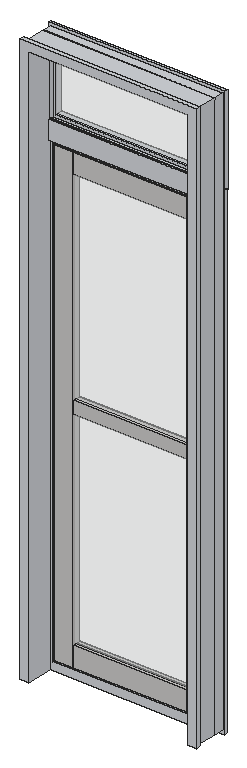
Revit family "APL Residential Thermal Heart Hinged Door with Overlight Open In", category Doors, host Wall, Revit 2017 (continued)
Definition of nested family "APL Residential Thermal Heart Hinged Door with Overlight Open In Vertical Section"
  Definition of nested family "Open In Head&Sill"
    Definition of nested family "65200_Rail"
      Lines and regions (mm)
        model lines, in view "Ref. Level"
          curve 128: arc (44.796, 11.123, 0) -> (44.649, 10.932, 0) -> (44.42, 10.86, 0) r 0.4
          curve 129: arc (34.98, 10.86, 0) -> (34.751, 10.932, 0) -> (34.604, 11.123, 0) r 0.4
          curve 130: arc (33.716, 13.563, 0) -> (33.605, 13.707, 0) -> (33.43, 13.76, 0) r 0.3
          curve 131: arc (33.43, 13.76, 0) -> (33.115, 13.72, 0) -> (32.821, 13.599, 0) r 1.2
          curve 132: arc (31.293, 12.714, 0) -> (31.196, 12.674, 0) -> (31.093, 12.66, 0) r 0.4
          curve 133: arc (30.8, 12.66, 0) -> (30.517, 12.777, 0) -> (30.4, 13.06, 0) r 0.4
          curve 134: line (30.8, 16.86, 0) -> (31.093, 16.86, 0)
          curve 135: line (31.293, 16.806, 0) -> (32.821, 15.921, 0)
          curve 136: line (33.422, 15.76, 0) -> (34.345, 15.76, 0)
          curve 137: line (35.284, 15.102, 0) -> (36.077, 12.923, 0)
          curve 138: line (36.453, 12.66, 0) -> (42.947, 12.66, 0)
          curve 139: line (43.323, 12.923, 0) -> (44.116, 15.102, 0)
          curve 140: line (45.055, 15.76, 0) -> (45.978, 15.76, 0)
          curve 141: line (46.579, 15.921, 0) -> (48.107, 16.806, 0)
          curve 142: line (48.307, 16.86, 0) -> (48.6, 16.86, 0)
          curve 143: line (49, 16.46, 0) -> (49, 13.06, 0)
          curve 144: line (48.6, 12.66, 0) -> (48.307, 12.66, 0)
          curve 145: line (48.107, 12.714, 0) -> (46.579, 13.599, 0)
          curve 146: line (45.684, 13.563, 0) -> (44.796, 11.123, 0)
          curve 147: line (44.42, 10.86, 0) -> (34.98, 10.86, 0)
          curve 148: line (34.604, 11.123, 0) -> (33.716, 13.563, 0)
          curve 149: line (32.821, 13.599, 0) -> (31.293, 12.714, 0)
          curve 150: line (31.093, 12.66, 0) -> (30.8, 12.66, 0)
          curve 151: line (30.4, 13.06, 0) -> (30.4, 16.46, 0)
          curve 152: arc (24.4, 72.4, 0) -> (24.517, 72.117, 0) -> (24.8, 72, 0) r 0.4
          curve 153: arc (25.093, 72, 0) -> (25.196, 72.014, 0) -> (25.293, 72.054, 0) r 0.4
          curve 154: arc (26.821, 72.939, 0) -> (27.111, 73.059, 0) -> (27.422, 73.1, 0) r 1.2
          curve 155: arc (28.345, 73.1, 0) -> (28.918, 73.281, 0) -> (29.284, 73.758, 0) r 1
          curve 156: arc (30.077, 75.937, 0) -> (30.224, 76.128, 0) -> (30.453, 76.2, 0) r 0.4
          curve 157: arc (36.947, 76.2, 0) -> (37.176, 76.128, 0) -> (37.323, 75.937, 0) r 0.4
          curve 158: arc (38.116, 73.758, 0) -> (38.482, 73.281, 0) -> (39.055, 73.1, 0) r 1
          curve 159: arc (39.978, 73.1, 0) -> (40.289, 73.059, 0) -> (40.579, 72.939, 0) r 1.2
          curve 160: arc (42.107, 72.054, 0) -> (42.204, 72.014, 0) -> (42.307, 72, 0) r 0.4
          curve 161: arc (42.6, 72, 0) -> (42.883, 72.117, 0) -> (43, 72.4, 0) r 0.4
          curve 162: arc (43, 75.8, 0) -> (42.883, 76.083, 0) -> (42.6, 76.2, 0) r 0.4
          curve 163: arc (42.307, 76.2, 0) -> (42.204, 76.186, 0) -> (42.107, 76.146, 0) r 0.4
          curve 164: arc (40.579, 75.261, 0) -> (40.285, 75.14, 0) -> (39.97, 75.1, 0) r 1.2
          curve 165: arc (39.97, 75.1, 0) -> (39.795, 75.153, 0) -> (39.684, 75.297, 0) r 0.3
          curve 166: arc (38.796, 77.737, 0) -> (38.649, 77.928, 0) -> (38.42, 78, 0) r 0.4
          curve 167: arc (28.98, 78, 0) -> (28.751, 77.928, 0) -> (28.604, 77.737, 0) r 0.4
          curve 168: arc (27.716, 75.297, 0) -> (27.605, 75.153, 0) -> (27.43, 75.1, 0) r 0.3
          curve 169: arc (27.43, 75.1, 0) -> (27.115, 75.14, 0) -> (26.821, 75.261, 0) r 1.2
          curve 170: arc (25.293, 76.146, 0) -> (25.196, 76.186, 0) -> (25.093, 76.2, 0) r 0.4
          curve 171: arc (24.8, 76.2, 0) -> (24.517, 76.083, 0) -> (24.4, 75.8, 0) r 0.4
          curve 172: line (24.8, 72, 0) -> (25.093, 72, 0)
          curve 173: line (25.293, 72.054, 0) -> (26.821, 72.939, 0)
          curve 174: line (27.422, 73.1, 0) -> (28.345, 73.1, 0)
          curve 175: line (29.284, 73.758, 0) -> (30.077, 75.937, 0)
          curve 176: line (30.453, 76.2, 0) -> (36.947, 76.2, 0)
          curve 177: line (37.323, 75.937, 0) -> (38.116, 73.758, 0)
          curve 178: line (39.055, 73.1, 0) -> (39.978, 73.1, 0)
          curve 179: line (40.579, 72.939, 0) -> (42.107, 72.054, 0)
          curve 180: line (42.307, 72, 0) -> (42.6, 72, 0)
          curve 181: line (43, 72.4, 0) -> (43, 75.8, 0)
          curve 182: line (42.6, 76.2, 0) -> (42.307, 76.2, 0)
          curve 183: line (42.107, 76.146, 0) -> (40.579, 75.261, 0)
          curve 184: line (39.684, 75.297, 0) -> (38.796, 77.737, 0)
          curve 185: line (38.42, 78, 0) -> (28.98, 78, 0)
          curve 186: line (28.604, 77.737, 0) -> (27.716, 75.297, 0)
          curve 187: line (26.821, 75.261, 0) -> (25.293, 76.146, 0)
          curve 188: line (25.093, 76.2, 0) -> (24.8, 76.2, 0)
          curve 189: line (24.4, 75.8, 0) -> (24.4, 72.4, 0)
          curve 190: arc (44.4, 69.6, 0) -> (44.754, 69.746, 0) -> (44.9, 70.1, 0) r 0.5
          curve 191: arc (44.9, 76.091, 0) -> (44.955, 76.318, 0) -> (45.108, 76.496, 0) r 0.5
          curve 192: arc (45.108, 76.496, 0) -> (45.336, 76.687, 0) -> (45.535, 76.908, 0) r 2.1
          curve 193: arc (45.535, 76.908, 0) -> (45.71, 77.049, 0) -> (45.929, 77.1, 0) r 0.5
          curve 194: arc (49, 77.1, 0) -> (49.354, 76.954, 0) -> (49.5, 76.6, 0) r 0.5
          curve 195: arc (49.5, 23.4, 0) -> (49.354, 23.046, 0) -> (49, 22.9, 0) r 0.5
          curve 196: arc (44.8, 22.9, 0) -> (44.659, 22.841, 0) -> (44.6, 22.7, 0) r 0.2
          curve 197: arc (44.6, 21.1, 0) -> (44.659, 20.959, 0) -> (44.8, 20.9, 0) r 0.2
          curve 198: arc (49.295, 20.9, 0) -> (49.436, 20.841, 0) -> (49.495, 20.7, 0) r 0.2
          curve 199: arc (49.495, 19.46, 0) -> (49.436, 19.319, 0) -> (49.295, 19.26, 0) r 0.2
          curve 200: arc (47.809, 19.26, 0) -> (47.674, 19.241, 0) -> (47.549, 19.187, 0) r 0.5
          curve 201: arc (46.979, 18.839, 0) -> (46.628, 18.475, 0) -> (46.5, 17.986, 0) r 1
          curve 202: arc (46.5, 16.41, 0) -> (46.628, 16.192, 0) -> (46.88, 16.197, 0) r 0.25
          curve 203: arc (46.966, 16.249, 0) -> (47.072, 16.381, 0) -> (47.069, 16.551, 0) r 0.25
          curve 204: arc (48.323, 17.316, 0) -> (48.398, 17.349, 0) -> (48.479, 17.36, 0) r 0.3
          curve 205: arc (49, 17.36, 0) -> (49.158, 17.282, 0) -> (49.194, 17.11, 0) r 0.2
          curve 206: arc (49, 13.107, 0) -> (49.026, 12.985, 0) -> (49.1, 12.884, 0) r 0.3
          curve 207: arc (49.1, 12.884, 0) -> (49.18, 12.553, 0) -> (48.9, 12.36, 0) r 0.3
          curve 208: arc (46.679, 12.903, 0) -> (46.59, 12.955, 0) -> (46.538, 13.044, 0) r 0.2
          curve 209: arc (46.493, 13.212, 0) -> (46.352, 13.353, 0) -> (46.159, 13.301, 0) r 0.2
          curve 210: arc (45.795, 12.938, 0) -> (45.735, 12.852, 0) -> (45.708, 12.752, 0) r 0.3
          curve 211: arc (45.501, 10.386, 0) -> (45.617, 10.122, 0) -> (45.903, 10.078, 0) r 0.3
          curve 212: arc (47.313, 10.592, 0) -> (47.439, 10.679, 0) -> (47.505, 10.817, 0) r 0.3
          curve 213: arc (47.505, 10.817, 0) -> (47.778, 11.059, 0) -> (48.083, 10.86, 0) r 0.3
          curve 214: arc (49.4, 10.86, 0) -> (49.754, 10.714, 0) -> (49.9, 10.36, 0) r 0.5
          curve 215: arc (49.9, 0.5, 0) -> (50.046, 0.146, 0) -> (50.4, 0, 0) r 0.5
          curve 216: arc (50.9, 0, 0) -> (51.254, 0.146, 0) -> (51.4, 0.5, 0) r 0.5
          curve 217: arc (51.4, 96.5, 0) -> (51.254, 96.854, 0) -> (50.9, 97, 0) r 0.5
          curve 218: arc (43, 97, 0) -> (42.646, 96.854, 0) -> (42.5, 96.5, 0) r 0.5
          curve 219: arc (42.5, 95.25, 0) -> (43, 94.75, 0) -> (43.5, 95.25, 0) r 0.5
          curve 220: arc (43.5, 95.8, 0) -> (43.559, 95.941, 0) -> (43.7, 96, 0) r 0.2
          curve 221: arc (44.8, 96, 0) -> (44.941, 95.941, 0) -> (45, 95.8, 0) r 0.2
          curve 222: arc (45, 90.7, 0) -> (44.941, 90.559, 0) -> (44.8, 90.5, 0) r 0.2
          curve 223: arc (43.7, 90.5, 0) -> (43.559, 90.559, 0) -> (43.5, 90.7, 0) r 0.2
          curve 224: arc (43.5, 91.25, 0) -> (43, 91.75, 0) -> (42.5, 91.25, 0) r 0.5
          curve 225: arc (42.5, 89.7, 0) -> (42.559, 89.559, 0) -> (42.7, 89.5, 0) r 0.2
          curve 226: arc (46.3, 89.5, 0) -> (46.441, 89.559, 0) -> (46.5, 89.7, 0) r 0.2
          curve 227: arc (46.5, 95, 0) -> (46.646, 95.354, 0) -> (47, 95.5, 0) r 0.5
          curve 228: arc (49, 95.5, 0) -> (49.354, 95.354, 0) -> (49.5, 95, 0) r 0.5
          curve 229: arc (49.5, 79.5, 0) -> (49.354, 79.146, 0) -> (49, 79, 0) r 0.5
          curve 230: arc (44.88, 79, 0) -> (44.739, 78.941, 0) -> (44.68, 78.8, 0) r 0.2
          curve 231: arc (44.68, 78.2, 0) -> (44.621, 78.059, 0) -> (44.48, 78, 0) r 0.2
          curve 232: arc (42.083, 78, 0) -> (41.778, 77.801, 0) -> (41.505, 78.043, 0) r 0.3
          curve 233: arc (41.505, 78.043, 0) -> (41.439, 78.181, 0) -> (41.313, 78.268, 0) r 0.3
          curve 234: arc (39.903, 78.782, 0) -> (39.617, 78.738, 0) -> (39.501, 78.474, 0) r 0.3
          curve 235: arc (39.708, 76.108, 0) -> (39.735, 76.008, 0) -> (39.795, 75.922, 0) r 0.3
          curve 236: arc (40.159, 75.559, 0) -> (40.352, 75.507, 0) -> (40.493, 75.648, 0) r 0.2
          curve 237: arc (40.538, 75.816, 0) -> (40.59, 75.905, 0) -> (40.679, 75.957, 0) r 0.2
          curve 238: arc (42.9, 76.5, 0) -> (43.18, 76.307, 0) -> (43.1, 75.976, 0) r 0.3
          curve 239: arc (43.1, 75.976, 0) -> (43.026, 75.875, 0) -> (43, 75.753, 0) r 0.3
          curve 240: arc (43.194, 71.75, 0) -> (43.158, 71.578, 0) -> (43, 71.5, 0) r 0.2
          curve 241: arc (42.479, 71.5, 0) -> (42.398, 71.511, 0) -> (42.323, 71.544, 0) r 0.3
          curve 242: arc (41.069, 72.309, 0) -> (41.072, 72.479, 0) -> (40.966, 72.611, 0) r 0.25
          curve 243: arc (40.88, 72.663, 0) -> (40.628, 72.668, 0) -> (40.5, 72.45, 0) r 0.25
          curve 244: arc (40.5, 70.874, 0) -> (40.628, 70.385, 0) -> (40.979, 70.021, 0) r 1
          curve 245: arc (41.549, 69.673, 0) -> (41.674, 69.619, 0) -> (41.809, 69.6, 0) r 0.5
          curve 246: line (44.9, 70.1, 0) -> (44.9, 76.091, 0)
          curve 247: line (45.929, 77.1, 0) -> (49, 77.1, 0)
          curve 248: line (49.5, 76.6, 0) -> (49.5, 23.4, 0)
          curve 249: line (49, 22.9, 0) -> (44.8, 22.9, 0)
          curve 250: line (44.6, 22.7, 0) -> (44.6, 21.1, 0)
          curve 251: line (44.8, 20.9, 0) -> (49.295, 20.9, 0)
          curve 252: line (49.495, 20.7, 0) -> (49.495, 19.46, 0)
          curve 253: line (49.295, 19.26, 0) -> (47.809, 19.26, 0)
          curve 254: line (47.549, 19.187, 0) -> (46.979, 18.839, 0)
          curve 255: line (46.5, 17.986, 0) -> (46.5, 16.41, 0)
          curve 256: line (47.069, 16.551, 0) -> (48.323, 17.316, 0)
          curve 257: line (48.323, 17.316, 0) -> (49, 17.36, 0)
          curve 258: line (49.194, 17.11, 0) -> (49.006, 16.385, 0)
          curve 259: line (49.006, 16.385, 0) -> (49, 13.107, 0)
          curve 260: line (48.746, 12.36, 0) -> (46.679, 12.903, 0)
          curve 261: line (46.679, 12.903, 0) -> (46.493, 13.212, 0)
          curve 262: line (46.159, 13.301, 0) -> (45.795, 12.938, 0)
          curve 263: line (45.708, 12.752, 0) -> (45.501, 10.386, 0)
          curve 264: line (45.903, 10.078, 0) -> (47.313, 10.592, 0)
          curve 265: line (48.083, 10.86, 0) -> (49.4, 10.86, 0)
          curve 266: line (49.9, 10.36, 0) -> (49.9, 0.5, 0)
          curve 267: line (50.4, 0, 0) -> (50.9, 0, 0)
          curve 268: line (51.4, 0.5, 0) -> (51.4, 96.5, 0)
          curve 269: line (43, 97, 0) -> (50.9, 97, 0)
          curve 270: line (50.9, 97, 0) -> (43, 97, 0)
          curve 271: line (42.5, 96.5, 0) -> (42.5, 95.25, 0)
          curve 272: line (43.5, 95.25, 0) -> (43.5, 95.8, 0)
          curve 273: line (43.7, 96, 0) -> (44.8, 96, 0)
          curve 274: line (45, 95.8, 0) -> (45, 90.7, 0)
          curve 275: line (44.8, 90.5, 0) -> (43.7, 90.5, 0)
          curve 276: line (43.5, 90.7, 0) -> (43.5, 91.25, 0)
          curve 277: line (42.5, 91.25, 0) -> (42.5, 89.7, 0)
          curve 278: line (42.7, 89.5, 0) -> (46.3, 89.5, 0)
          curve 279: line (46.5, 89.7, 0) -> (46.5, 95, 0)
          curve 280: line (47, 95.5, 0) -> (49, 95.5, 0)
          curve 281: line (49.5, 95, 0) -> (49.5, 79.5, 0)
          curve 282: line (49, 79, 0) -> (44.88, 79, 0)
          curve 283: line (44.68, 78.8, 0) -> (44.68, 78.2, 0)
          curve 284: line (44.48, 78, 0) -> (42.083, 78, 0)
          curve 285: line (41.313, 78.268, 0) -> (39.903, 78.782, 0)
          curve 286: line (39.501, 78.474, 0) -> (39.708, 76.108, 0)
          curve 287: line (39.795, 75.922, 0) -> (40.159, 75.559, 0)
          curve 288: line (40.493, 75.648, 0) -> (40.538, 75.816, 0)
          curve 289: line (40.538, 75.816, 0) -> (42.668, 76.49, 0)
          curve 290: line (42.668, 76.49, 0) -> (42.9, 76.5, 0)
          curve 291: line (43, 75.753, 0) -> (43, 72.525, 0)
          curve 292: line (43, 72.525, 0) -> (43.194, 71.75, 0)
          curve 293: line (43, 71.5, 0) -> (42.479, 71.5, 0)
          curve 294: line (42.479, 71.5, 0) -> (41.069, 72.309, 0)
          curve 295: line (40.5, 72.45, 0) -> (40.5, 70.874, 0)
          curve 296: line (40.979, 70.021, 0) -> (41.549, 69.673, 0)
          curve 297: line (41.809, 69.6, 0) -> (44.4, 69.6, 0)
      Text (mm)
        text "65200" at (8.462, 126.741, 0), in view "Ref. Level"
    Definition of nested family "65300_Open In Frame"
      Reference planes
        plane 1 "Center (Front/Back)": y = 0
        plane 2: z = 0
        plane 3 "Center (Left/Right)": x = 0
      Lines and regions (mm)
        model lines, in view "Ref. Level"
          curve 1: arc (41.813, -11.527, 0) -> (41.517, -11.698, 0) -> (41.4, -12.02, 0) r 0.5
          curve 2: arc (41.4, -13.4, 0) -> (41.341, -13.541, 0) -> (41.2, -13.6, 0) r 0.2
          curve 3: arc (16.255, -13.6, 0) -> (16.114, -13.541, 0) -> (16.055, -13.4, 0) r 0.2
          curve 4: arc (16.055, -8.6, 0) -> (16.114, -8.459, 0) -> (16.255, -8.4, 0) r 0.2
          curve 5: arc (16.9, -8.4, 0) -> (17.961, -7.961, 0) -> (18.4, -6.9, 0) r 1.5
          curve 6: arc (18.4, -2.6, 0) -> (18.459, -2.459, 0) -> (18.6, -2.4, 0) r 0.2
          curve 7: arc (23.2, -2.4, 0) -> (23.341, -2.341, 0) -> (23.4, -2.2, 0) r 0.2
          curve 8: arc (23.4, -1.6, 0) -> (23.459, -1.459, 0) -> (23.6, -1.4, 0) r 0.2
          curve 9: arc (33.4, -1.4, 0) -> (33.541, -1.459, 0) -> (33.6, -1.6, 0) r 0.2
          curve 10: arc (33.6, -2.2, 0) -> (33.659, -2.341, 0) -> (33.8, -2.4, 0) r 0.2
          curve 11: arc (38.4, -2.4, 0) -> (38.541, -2.341, 0) -> (38.6, -2.2, 0) r 0.2
          curve 12: arc (38.6, -1.6, 0) -> (38.659, -1.459, 0) -> (38.8, -1.4, 0) r 0.2
          curve 13: arc (39.375, -1.4, 0) -> (39.996, -1.318, 0) -> (40.575, -1.078, 0) r 2.4
          curve 14: arc (48.4, 2.4, 0) -> (48.541, 2.341, 0) -> (48.6, 2.2, 0) r 0.2
          curve 15: arc (48.6, -2.8, 0) -> (48.454, -3.154, 0) -> (48.1, -3.3, 0) r 0.5
          curve 16: arc (46, -3.3, 0) -> (45.01, -3.71, 0) -> (44.6, -4.7, 0) r 1.4
          curve 17: arc (44.6, -10.616, 0) -> (44.483, -10.938, 0) -> (44.187, -11.109, 0) r 0.5
          curve 18: arc (16.4, -1.5, 0) -> (16.68, -1.693, 0) -> (16.6, -2.024, 0) r 0.3
          curve 19: arc (16.6, -2.024, 0) -> (16.526, -2.125, 0) -> (16.5, -2.247, 0) r 0.3
          curve 20: arc (16.694, -6.25, 0) -> (16.658, -6.422, 0) -> (16.5, -6.5, 0) r 0.2
          curve 21: arc (15.979, -6.5, 0) -> (15.898, -6.489, 0) -> (15.823, -6.456, 0) r 0.3
          curve 22: arc (14.569, -5.691, 0) -> (14.572, -5.521, 0) -> (14.466, -5.389, 0) r 0.25
          curve 23: arc (14.38, -5.337, 0) -> (14.15, -5.321, 0) -> (14.005, -5.5, 0) r 0.25
          curve 24: arc (13.755, -5.5, 0) -> (13.614, -5.559, 0) -> (13.555, -5.7, 0) r 0.2
          curve 25: arc (13.555, -7.186, 0) -> (13.581, -7.284, 0) -> (13.651, -7.356, 0) r 0.2
          curve 26: arc (14.059, -7.606, 0) -> (14.129, -7.679, 0) -> (14.155, -7.776, 0) r 0.2
          curve 27: arc (15.056, -16.445, 0) -> (15.361, -16.746, 0) -> (15.787, -16.701, 0) r 0.5
          curve 28: arc (15.924, -16.617, 0) -> (16.074, -16.697, 0) -> (16.24, -16.663, 0) r 0.25
          curve 29: arc (16.326, -16.611, 0) -> (16.432, -16.479, 0) -> (16.429, -16.309, 0) r 0.25
          curve 30: arc (17.682, -15.544, 0) -> (17.758, -15.511, 0) -> (17.839, -15.5, 0) r 0.3
          curve 31: arc (18.36, -15.5, 0) -> (18.518, -15.578, 0) -> (18.554, -15.75, 0) r 0.2
          curve 32: arc (18.36, -19.753, 0) -> (18.386, -19.875, 0) -> (18.46, -19.976, 0) r 0.3
          curve 33: arc (18.46, -19.976, 0) -> (18.54, -20.307, 0) -> (18.26, -20.5, 0) r 0.3
          curve 34: arc (16.039, -19.957, 0) -> (15.95, -19.905, 0) -> (15.898, -19.816, 0) r 0.2
          curve 35: arc (15.853, -19.648, 0) -> (15.712, -19.507, 0) -> (15.519, -19.559, 0) r 0.2
          curve 36: arc (15.155, -19.922, 0) -> (15.095, -20.008, 0) -> (15.068, -20.108, 0) r 0.3
          curve 37: arc (14.861, -22.474, 0) -> (14.977, -22.738, 0) -> (15.263, -22.782, 0) r 0.3
          curve 38: arc (16.673, -22.268, 0) -> (16.799, -22.181, 0) -> (16.865, -22.043, 0) r 0.3
          curve 39: arc (16.865, -22.043, 0) -> (17.138, -21.801, 0) -> (17.443, -22, 0) r 0.3
          curve 40: arc (19.76, -22, 0) -> (20.114, -21.854, 0) -> (20.26, -21.5, 0) r 0.5
          curve 41: arc (20.26, -15.2, 0) -> (20.319, -15.059, 0) -> (20.46, -15, 0) r 0.2
          curve 42: arc (24.707, -15.057, 0) -> (24.868, -15.163, 0) -> (25.057, -15.2, 0) r 0.5
          curve 43: arc (34.743, -15.2, 0) -> (34.932, -15.164, 0) -> (35.093, -15.057, 0) r 0.485
          curve 44: arc (41.4, -15, 0) -> (42.39, -14.59, 0) -> (42.8, -13.6, 0) r 1.4
          curve 45: arc (42.8, -13.194, 0) -> (42.917, -12.873, 0) -> (43.213, -12.702, 0) r 0.5
          curve 46: arc (44.013, -12.561, 0) -> (44.421, -12.67, 0) -> (44.6, -13.053, 0) r 0.5
          curve 47: arc (44.6, -24.2, 0) -> (44.981, -25.119, 0) -> (45.9, -25.5, 0) r 1.3
          curve 48: arc (55.35, -25.5, 0) -> (56, -24.85, 0) -> (55.35, -24.2, 0) r 0.65
          curve 49: arc (49.5, -4.7, 0) -> (49.854, -4.554, 0) -> (50, -4.2, 0) r 0.5
          curve 50: arc (50, 7.5, 0) -> (49.707, 8.207, 0) -> (49, 8.5, 0) r 1
          curve 51: arc (46.6, 8.5, 0) -> (45.893, 8.207, 0) -> (45.6, 7.5, 0) r 1
          curve 52: arc (45.6, 7.4, 0) -> (45.688, 7.188, 0) -> (45.9, 7.1, 0) r 0.3
          curve 53: arc (48.4, 7.1, 0) -> (48.541, 7.041, 0) -> (48.6, 6.9, 0) r 0.2
          curve 54: arc (48.6, 4, 0) -> (48.541, 3.859, 0) -> (48.4, 3.8, 0) r 0.2
          curve 55: arc (46.6, 3.8, 0) -> (46.238, 3.752, 0) -> (45.9, 3.612, 0) r 1.4
          curve 56: arc (39.875, 0.134, 0) -> (39.634, 0.034, 0) -> (39.375, 0, 0) r 1
          curve 57: arc (15.583, 0, 0) -> (15.278, -0.199, 0) -> (15.005, 0.043, 0) r 0.3
          curve 58: arc (15.005, 0.043, 0) -> (14.939, 0.181, 0) -> (14.813, 0.268, 0) r 0.3
          curve 59: arc (13.403, 0.782, 0) -> (13.117, 0.738, 0) -> (13.001, 0.474, 0) r 0.3
          curve 60: arc (13.208, -1.892, 0) -> (13.235, -1.992, 0) -> (13.295, -2.078, 0) r 0.3
          curve 61: arc (13.659, -2.441, 0) -> (13.852, -2.493, 0) -> (13.993, -2.352, 0) r 0.2
          curve 62: line (41.4, -12.02, 0) -> (41.4, -13.4, 0)
          curve 63: line (41.2, -13.6, 0) -> (16.255, -13.6, 0)
          curve 64: line (16.055, -13.4, 0) -> (16.055, -8.6, 0)
          curve 65: line (16.255, -8.4, 0) -> (16.9, -8.4, 0)
          curve 66: line (18.4, -6.9, 0) -> (18.4, -2.6, 0)
          curve 67: line (18.6, -2.4, 0) -> (23.2, -2.4, 0)
          curve 68: line (23.4, -2.2, 0) -> (23.4, -1.6, 0)
          curve 69: line (23.6, -1.4, 0) -> (33.4, -1.4, 0)
          curve 70: line (33.6, -1.6, 0) -> (33.6, -2.2, 0)
          curve 71: line (33.8, -2.4, 0) -> (38.4, -2.4, 0)
          curve 72: line (38.6, -2.2, 0) -> (38.6, -1.6, 0)
          curve 73: line (38.8, -1.4, 0) -> (39.375, -1.4, 0)
          curve 74: line (40.575, -1.078, 0) -> (46.554, 2.373, 0)
          curve 75: line (46.554, 2.373, 0) -> (48.4, 2.4, 0)
          curve 76: line (48.6, 2.2, 0) -> (48.6, -2.8, 0)
          curve 77: line (48.1, -3.3, 0) -> (46, -3.3, 0)
          curve 78: line (44.6, -4.7, 0) -> (44.6, -10.616, 0)
          curve 79: line (44.187, -11.109, 0) -> (41.813, -11.527, 0)
          curve 80: line (13.993, -2.352, 0) -> (14.179, -2.043, 0)
          curve 81: line (14.179, -2.043, 0) -> (16.168, -1.51, 0)
          curve 82: line (16.168, -1.51, 0) -> (16.4, -1.5, 0)
          curve 83: line (16.5, -2.247, 0) -> (16.5, -5.475, 0)
          curve 84: line (16.5, -5.475, 0) -> (16.694, -6.25, 0)
          curve 85: line (16.5, -6.5, 0) -> (15.979, -6.5, 0)
          curve 86: line (15.979, -6.5, 0) -> (14.569, -5.691, 0)
          curve 87: line (14.005, -5.5, 0) -> (13.755, -5.5, 0)
          curve 88: line (13.555, -5.7, 0) -> (13.555, -7.186, 0)
          curve 89: line (13.651, -7.356, 0) -> (14.059, -7.606, 0)
          curve 90: line (14.155, -7.776, 0) -> (14.155, -13.934, 0)
          curve 91: line (14.155, -13.934, 0) -> (15.056, -16.445, 0)
          curve 92: line (15.787, -16.701, 0) -> (15.924, -16.617, 0)
          curve 93: line (16.429, -16.309, 0) -> (17.682, -15.544, 0)
          curve 94: line (17.682, -15.544, 0) -> (18.36, -15.5, 0)
          curve 95: line (18.554, -15.75, 0) -> (18.366, -16.475, 0)
          curve 96: line (18.366, -16.475, 0) -> (18.36, -19.753, 0)
          curve 97: line (18.106, -20.5, 0) -> (16.039, -19.957, 0)
          curve 98: line (16.039, -19.957, 0) -> (15.853, -19.648, 0)
          curve 99: line (15.519, -19.559, 0) -> (15.155, -19.922, 0)
          curve 100: line (15.068, -20.108, 0) -> (14.861, -22.474, 0)
          curve 101: line (15.263, -22.782, 0) -> (16.673, -22.268, 0)
          curve 102: line (17.443, -22, 0) -> (19.76, -22, 0)
          curve 103: line (20.26, -21.5, 0) -> (20.26, -15.2, 0)
          curve 104: line (20.46, -15, 0) -> (24.567, -15, 0)
          curve 105: line (25.057, -15.2, 0) -> (29.5, -15.2, 0)
          curve 106: line (29.5, -15.2, 0) -> (29.9, -14.8, 0)
          curve 107: line (29.9, -14.8, 0) -> (30.3, -15.2, 0)
          curve 108: line (30.3, -15.2, 0) -> (34.743, -15.2, 0)
          curve 109: line (35.233, -15, 0) -> (41.4, -15, 0)
          curve 110: line (42.8, -13.6, 0) -> (42.8, -13.194, 0)
          curve 111: line (43.213, -12.702, 0) -> (44.013, -12.561, 0)
          curve 112: line (44.6, -13.053, 0) -> (44.6, -24.2, 0)
          curve 113: line (45.9, -25.5, 0) -> (47.7, -25.5, 0)
          curve 114: line (47.7, -25.5, 0) -> (48, -25.2, 0)
          curve 115: line (48, -25.2, 0) -> (53.25, -25.2, 0)
          curve 116: line (53.25, -25.2, 0) -> (53.55, -25.5, 0)
          curve 117: line (53.55, -25.5, 0) -> (55.35, -25.5, 0)
          curve 118: line (55.35, -24.2, 0) -> (46, -24.2, 0)
          curve 119: line (46, -24.2, 0) -> (46, -4.7, 0)
          curve 120: line (46, -4.7, 0) -> (49.5, -4.7, 0)
          curve 121: line (50, -4.2, 0) -> (50, 7.5, 0)
          curve 122: line (49, 8.5, 0) -> (46.6, 8.5, 0)
          curve 123: line (45.9, 7.1, 0) -> (48.4, 7.1, 0)
          curve 124: line (48.6, 6.9, 0) -> (48.6, 4, 0)
          curve 125: line (48.4, 3.8, 0) -> (46.6, 3.8, 0)
          curve 126: line (45.9, 3.612, 0) -> (39.875, 0.134, 0)
          curve 127: line (39.375, 0, 0) -> (36.5, 0, 0)
          curve 128: line (36.5, 0, 0) -> (36.1, -0.4, 0)
          curve 129: line (36.1, -0.4, 0) -> (35.7, 0, 0)
          curve 130: line (35.7, 0, 0) -> (25.9, 0, 0)
          curve 131: line (25.9, 0, 0) -> (25.5, -0.4, 0)
          curve 132: line (25.5, -0.4, 0) -> (25.1, 0, 0)
          curve 133: line (25.1, 0, 0) -> (15.583, 0, 0)
          curve 134: line (14.813, 0.268, 0) -> (13.403, 0.782, 0)
          curve 135: line (13.001, 0.474, 0) -> (13.208, -1.892, 0)
          curve 136: line (13.295, -2.078, 0) -> (13.659, -2.441, 0)
          curve 137: arc (14.038, -2.184, 0) -> (14.09, -2.095, 0) -> (14.179, -2.043, 0) r 0.2
          curve 138: arc (-0.24, -19.661, 0) -> (-0.123, -19.944, 0) -> (0.16, -20.061, 0) r 0.4
          curve 139: arc (0.453, -20.061, 0) -> (0.556, -20.047, 0) -> (0.653, -20.007, 0) r 0.4
          curve 140: arc (2.181, -19.122, 0) -> (2.471, -19.002, 0) -> (2.782, -18.961, 0) r 1.2
          curve 141: arc (3.705, -18.961, 0) -> (4.278, -18.78, 0) -> (4.644, -18.303, 0) r 1
          curve 142: arc (5.437, -16.124, 0) -> (5.584, -15.933, 0) -> (5.813, -15.861, 0) r 0.4
          curve 143: arc (12.307, -15.861, 0) -> (12.536, -15.933, 0) -> (12.683, -16.124, 0) r 0.4
          curve 144: arc (13.476, -18.303, 0) -> (13.842, -18.78, 0) -> (14.415, -18.961, 0) r 1
          curve 145: arc (15.338, -18.961, 0) -> (15.649, -19.002, 0) -> (15.939, -19.122, 0) r 1.2
          curve 146: arc (17.467, -20.007, 0) -> (17.564, -20.047, 0) -> (17.667, -20.061, 0) r 0.4
          curve 147: arc (17.96, -20.061, 0) -> (18.243, -19.944, 0) -> (18.36, -19.661, 0) r 0.4
          curve 148: arc (18.36, -16.261, 0) -> (18.243, -15.978, 0) -> (17.96, -15.861, 0) r 0.4
          curve 149: arc (17.667, -15.861, 0) -> (17.564, -15.875, 0) -> (17.467, -15.915, 0) r 0.4
          curve 150: arc (15.939, -16.799, 0) -> (15.645, -16.921, 0) -> (15.33, -16.961, 0) r 1.2
          curve 151: arc (15.33, -16.961, 0) -> (15.155, -16.908, 0) -> (15.044, -16.764, 0) r 0.3
          curve 152: arc (14.156, -14.324, 0) -> (14.009, -14.133, 0) -> (13.78, -14.061, 0) r 0.4
          curve 153: arc (4.34, -14.061, 0) -> (4.111, -14.133, 0) -> (3.964, -14.324, 0) r 0.4
          curve 154: arc (3.076, -16.764, 0) -> (2.965, -16.908, 0) -> (2.79, -16.961, 0) r 0.3
          curve 155: arc (2.79, -16.961, 0) -> (2.475, -16.921, 0) -> (2.181, -16.799, 0) r 1.2
          curve 156: arc (0.653, -15.915, 0) -> (0.556, -15.875, 0) -> (0.453, -15.861, 0) r 0.4
          curve 157: arc (0.16, -15.861, 0) -> (-0.123, -15.978, 0) -> (-0.24, -16.261, 0) r 0.4
          curve 158: line (0.16, -20.061, 0) -> (0.453, -20.061, 0)
          curve 159: line (0.653, -20.007, 0) -> (2.181, -19.122, 0)
          curve 160: line (2.782, -18.961, 0) -> (3.705, -18.961, 0)
          curve 161: line (4.644, -18.303, 0) -> (5.437, -16.124, 0)
          curve 162: line (5.813, -15.861, 0) -> (12.307, -15.861, 0)
          curve 163: line (12.683, -16.124, 0) -> (13.476, -18.303, 0)
          curve 164: line (14.415, -18.961, 0) -> (15.338, -18.961, 0)
          curve 165: line (15.939, -19.122, 0) -> (17.467, -20.007, 0)
          curve 166: line (17.667, -20.061, 0) -> (17.96, -20.061, 0)
          curve 167: line (18.36, -19.661, 0) -> (18.36, -16.261, 0)
          curve 168: line (17.96, -15.861, 0) -> (17.667, -15.861, 0)
          curve 169: line (17.467, -15.915, 0) -> (15.939, -16.799, 0)
          curve 170: line (15.044, -16.764, 0) -> (14.156, -14.324, 0)
          curve 171: line (13.78, -14.061, 0) -> (4.34, -14.061, 0)
          curve 172: line (3.964, -14.324, 0) -> (3.076, -16.764, 0)
          curve 173: line (2.181, -16.799, 0) -> (0.653, -15.915, 0)
          curve 174: line (0.453, -15.861, 0) -> (0.16, -15.861, 0)
          curve 175: line (-0.24, -16.261, 0) -> (-0.24, -19.661, 0)
          curve 176: arc (-2.1, -5.6, 0) -> (-1.983, -5.883, 0) -> (-1.7, -6, 0) r 0.4
          curve 177: arc (-1.407, -6, 0) -> (-1.304, -5.986, 0) -> (-1.207, -5.946, 0) r 0.4
          curve 178: arc (0.321, -5.061, 0) -> (0.611, -4.941, 0) -> (0.922, -4.9, 0) r 1.2
          curve 179: arc (1.845, -4.9, 0) -> (2.418, -4.719, 0) -> (2.784, -4.242, 0) r 1
          curve 180: arc (3.577, -2.063, 0) -> (3.724, -1.872, 0) -> (3.953, -1.8, 0) r 0.4
          curve 181: arc (10.447, -1.8, 0) -> (10.676, -1.872, 0) -> (10.823, -2.063, 0) r 0.4
          curve 182: arc (11.616, -4.242, 0) -> (11.982, -4.719, 0) -> (12.555, -4.9, 0) r 1
          curve 183: arc (13.478, -4.9, 0) -> (13.789, -4.941, 0) -> (14.079, -5.061, 0) r 1.2
          curve 184: arc (15.607, -5.946, 0) -> (15.704, -5.986, 0) -> (15.807, -6, 0) r 0.4
          curve 185: arc (16.1, -6, 0) -> (16.383, -5.883, 0) -> (16.5, -5.6, 0) r 0.4
          curve 186: arc (16.5, -2.2, 0) -> (16.383, -1.917, 0) -> (16.1, -1.8, 0) r 0.4
          curve 187: arc (15.807, -1.8, 0) -> (15.704, -1.814, 0) -> (15.607, -1.854, 0) r 0.4
          curve 188: arc (14.079, -2.739, 0) -> (13.785, -2.86, 0) -> (13.47, -2.9, 0) r 1.2
          curve 189: arc (13.47, -2.9, 0) -> (13.295, -2.847, 0) -> (13.184, -2.703, 0) r 0.3
          curve 190: arc (12.296, -0.263, 0) -> (12.149, -0.072, 0) -> (11.92, 0, 0) r 0.4
          curve 191: arc (2.48, 0, 0) -> (2.251, -0.072, 0) -> (2.104, -0.263, 0) r 0.4
          curve 192: arc (1.216, -2.703, 0) -> (1.105, -2.847, 0) -> (0.93, -2.9, 0) r 0.3
          curve 193: arc (0.93, -2.9, 0) -> (0.615, -2.86, 0) -> (0.321, -2.739, 0) r 1.2
          curve 194: arc (-1.207, -1.854, 0) -> (-1.304, -1.814, 0) -> (-1.407, -1.8, 0) r 0.4
          curve 195: arc (-1.7, -1.8, 0) -> (-1.983, -1.917, 0) -> (-2.1, -2.2, 0) r 0.4
          curve 196: line (-1.7, -6, 0) -> (-1.407, -6, 0)
          curve 197: line (-1.207, -5.946, 0) -> (0.321, -5.061, 0)
          curve 198: line (0.922, -4.9, 0) -> (1.845, -4.9, 0)
          curve 199: line (2.784, -4.242, 0) -> (3.577, -2.063, 0)
          curve 200: line (3.953, -1.8, 0) -> (10.447, -1.8, 0)
          curve 201: line (10.823, -2.063, 0) -> (11.616, -4.242, 0)
          curve 202: line (12.555, -4.9, 0) -> (13.478, -4.9, 0)
          curve 203: line (14.079, -5.061, 0) -> (15.607, -5.946, 0)
          curve 204: line (15.807, -6, 0) -> (16.1, -6, 0)
          curve 205: line (16.5, -5.6, 0) -> (16.5, -2.2, 0)
          curve 206: line (16.1, -1.8, 0) -> (15.807, -1.8, 0)
          curve 207: line (15.607, -1.854, 0) -> (14.079, -2.739, 0)
          curve 208: line (13.184, -2.703, 0) -> (12.296, -0.263, 0)
          curve 209: line (11.92, 0, 0) -> (2.48, 0, 0)
          curve 210: line (2.104, -0.263, 0) -> (1.216, -2.703, 0)
          curve 211: line (0.321, -2.739, 0) -> (-1.207, -1.854, 0)
          curve 212: line (-1.407, -1.8, 0) -> (-1.7, -1.8, 0)
          curve 213: line (-2.1, -2.2, 0) -> (-2.1, -5.6, 0)
          curve 214: arc (-15.5, 27, 0) -> (-15.351, 27.351, 0) -> (-15, 27.5, 0) r 0.508
          curve 215: arc (-8.7, 27.5, 0) -> (-8.559, 27.441, 0) -> (-8.5, 27.3, 0) r 0.2
          curve 216: arc (-8.5, 26.1, 0) -> (-8.559, 25.959, 0) -> (-8.7, 25.9, 0) r 0.2
          curve 217: arc (-13.8, 25.9, 0) -> (-13.941, 25.841, 0) -> (-14, 25.7, 0) r 0.2
          curve 218: arc (-14, 22.6, 0) -> (-13.941, 22.459, 0) -> (-13.8, 22.4, 0) r 0.2
          curve 219: arc (-10.5, 23.15, 0) -> (-10.346, 23.381, 0) -> (-10.073, 23.327, 0) r 0.25
          curve 220: arc (-8.5, 19.1, 0) -> (-8.559, 18.959, 0) -> (-8.7, 18.9, 0) r 0.2
          curve 221: arc (-8.7, 18.9, 0) -> (-9.266, 19.134, 0) -> (-9.5, 19.7, 0) r 0.8
          curve 222: arc (-9.5, 20.8, 0) -> (-9.559, 20.941, 0) -> (-9.7, 21, 0) r 0.2
          curve 223: arc (-11.9, 20.4, 0) -> (-12.3, 20, 0) -> (-12.7, 20.4, 0) r 0.4
          curve 224: arc (-11.7, 8, 0) -> (-11.554, 8.354, 0) -> (-11.2, 8.5, 0) r 0.5
          curve 225: arc (-9.5, 8.5, 0) -> (-8.793, 8.207, 0) -> (-8.5, 7.5, 0) r 1
          curve 226: arc (-8.5, 7.4, 0) -> (-8.588, 7.188, 0) -> (-8.8, 7.1, 0) r 0.3
          curve 227: arc (-10.217, 7.1, 0) -> (-10.329, 7.066, 0) -> (-10.402, 6.975, 0) r 0.2
          curve 228: arc (-10.402, 6.975, 0) -> (-10.917, 6.339, 0) -> (-11.7, 6.1, 0) r 1.4
          curve 229: arc (-13.8, 6.1, 0) -> (-13.941, 6.041, 0) -> (-14, 5.9, 0) r 0.2
          curve 230: arc (-14, 1, 0) -> (-13.707, 0.293, 0) -> (-13, 0, 0) r 1
          curve 231: arc (-1.183, 0, 0) -> (-0.878, -0.199, 0) -> (-0.605, 0.043, 0) r 0.3
          curve 232: arc (-0.605, 0.043, 0) -> (-0.539, 0.181, 0) -> (-0.413, 0.268, 0) r 0.3
          curve 233: arc (0.997, 0.782, 0) -> (1.283, 0.738, 0) -> (1.399, 0.474, 0) r 0.3
          curve 234: arc (1.192, -1.892, 0) -> (1.165, -1.992, 0) -> (1.105, -2.078, 0) r 0.3
          curve 235: arc (0.741, -2.441, 0) -> (0.548, -2.493, 0) -> (0.407, -2.352, 0) r 0.2
          curve 236: arc (0.362, -2.184, 0) -> (0.31, -2.095, 0) -> (0.221, -2.043, 0) r 0.2
          curve 237: arc (-2, -1.5, 0) -> (-2.28, -1.693, 0) -> (-2.2, -2.024, 0) r 0.3
          curve 238: arc (-2.2, -2.024, 0) -> (-2.126, -2.125, 0) -> (-2.1, -2.247, 0) r 0.3
          curve 239: arc (-2.294, -6.25, 0) -> (-2.258, -6.422, 0) -> (-2.1, -6.5, 0) r 0.2
          curve 240: arc (-1.579, -6.5, 0) -> (-1.498, -6.489, 0) -> (-1.423, -6.456, 0) r 0.3
          curve 241: arc (-0.169, -5.691, 0) -> (-0.172, -5.521, 0) -> (-0.066, -5.389, 0) r 0.25
          curve 242: arc (0.02, -5.337, 0) -> (0.25, -5.321, 0) -> (0.395, -5.5, 0) r 0.25
          curve 243: arc (0.645, -5.5, 0) -> (0.786, -5.559, 0) -> (0.845, -5.7, 0) r 0.2
          curve 244: arc (0.845, -13.8, 0) -> (0.904, -13.941, 0) -> (1.045, -14, 0) r 0.2
          curve 245: arc (3.668, -14, 0) -> (3.832, -14.085, 0) -> (3.856, -14.268, 0) r 0.2
          curve 246: arc (3.163, -16.171, 0) -> (2.98, -16.41, 0) -> (2.694, -16.5, 0) r 0.5
          curve 247: arc (2.255, -16.5, 0) -> (2.11, -16.679, 0) -> (1.88, -16.663, 0) r 0.25
          curve 248: arc (1.794, -16.611, 0) -> (1.688, -16.479, 0) -> (1.691, -16.309, 0) r 0.25
          curve 249: arc (0.438, -15.544, 0) -> (0.362, -15.511, 0) -> (0.281, -15.5, 0) r 0.3
          curve 250: arc (-0.24, -15.5, 0) -> (-0.398, -15.578, 0) -> (-0.434, -15.75, 0) r 0.2
          curve 251: arc (-0.24, -19.753, 0) -> (-0.266, -19.875, 0) -> (-0.34, -19.976, 0) r 0.3
          curve 252: arc (-0.34, -19.976, 0) -> (-0.42, -20.307, 0) -> (-0.14, -20.5, 0) r 0.3
          curve 253: arc (2.081, -19.957, 0) -> (2.17, -19.905, 0) -> (2.222, -19.816, 0) r 0.2
          curve 254: arc (2.267, -19.648, 0) -> (2.408, -19.507, 0) -> (2.601, -19.559, 0) r 0.2
          curve 255: arc (2.965, -19.922, 0) -> (3.025, -20.008, 0) -> (3.052, -20.108, 0) r 0.3
          curve 256: arc (3.259, -22.474, 0) -> (3.143, -22.738, 0) -> (2.857, -22.782, 0) r 0.3
          curve 257: arc (1.447, -22.268, 0) -> (1.321, -22.181, 0) -> (1.255, -22.043, 0) r 0.3
          curve 258: arc (1.255, -22.043, 0) -> (0.982, -21.801, 0) -> (0.677, -22, 0) r 0.3
          curve 259: arc (0.2, -22, 0) -> (0.059, -22.059, 0) -> (0, -22.2, 0) r 0.2
          curve 260: arc (0, -27.301, 0) -> (-0.107, -27.836, 0) -> (-0.41, -28.291, 0) r 1.4
          curve 261: arc (-5.407, -33.287, 0) -> (-5.624, -33.612, 0) -> (-5.7, -33.995, 0) r 1
          curve 262: arc (-5.7, -39.659, 0) -> (-5.623, -39.816, 0) -> (-5.452, -39.853, 0) r 0.2
          curve 263: arc (-5.452, -39.853, 0) -> (-4.643, -40.177, 0) -> (-4.687, -41.048, 0) r 0.75
          curve 264: arc (-4.687, -41.048, 0) -> (-5.025, -42.005, 0) -> (-4.687, -42.962, 0) r 1.525
          curve 265: arc (-4.687, -42.962, 0) -> (-4.594, -43.113, 0) -> (-4.539, -43.281, 0) r 0.75
          curve 266: arc (-4.539, -43.281, 0) -> (-4.442, -43.492, 0) -> (-4.26, -43.636, 0) r 0.5
          curve 267: arc (-4.26, -43.636, 0) -> (-3.5, -43.805, 0) -> (-2.74, -43.637, 0) r 1.8
          curve 268: arc (-2.74, -43.637, 0) -> (-2.558, -43.492, 0) -> (-2.461, -43.28, 0) r 0.5
          curve 269: arc (-2.461, -43.28, 0) -> (-2.406, -43.112, 0) -> (-2.312, -42.961, 0) r 0.737
          curve 270: arc (-2.312, -42.961, 0) -> (-1.975, -42.005, 0) -> (-2.312, -41.049, 0) r 1.525
          curve 271: arc (-2.312, -41.049, 0) -> (-2.2, -40.012, 0) -> (-1.163, -40.124, 0) r 0.737
          curve 272: arc (-1.163, -40.124, 0) -> (-0.507, -41.796, 0) -> (-0.924, -43.544, 0) r 3
          curve 273: arc (-0.924, -43.544, 0) -> (-0.93, -44.047, 0) -> (-0.495, -44.3, 0) r 0.5
          curve 274: arc (-0.2, -44.3, 0) -> (-0.059, -44.359, 0) -> (0, -44.5, 0) r 0.2
          curve 275: arc (0, -45.3, 0) -> (-0.059, -45.441, 0) -> (-0.2, -45.5, 0) r 0.2
          curve 276: arc (-6, -45.5, 0) -> (-6.707, -45.207, 0) -> (-7, -44.5, 0) r 1
          curve 277: arc (-7, -35.563, 0) -> (-7.281, -34.295, 0) -> (-8.072, -33.265, 0) r 3
          curve 278: arc (-14.428, -27.931, 0) -> (-15.219, -26.9, 0) -> (-15.5, -25.63, 0) r 3
          curve 279: arc (-13.102, -1.4, 0) -> (-13.808, -1.693, 0) -> (-14.1, -2.4, 0) r 1
          curve 280: arc (-14.1, -25.631, 0) -> (-13.951, -26.308, 0) -> (-13.528, -26.859, 0) r 1.6
          curve 281: arc (-7.044, -32.3, 0) -> (-6.701, -32.416, 0) -> (-6.369, -32.27, 0) r 0.5
          curve 282: arc (-1.693, -27.594, 0) -> (-1.476, -27.269, 0) -> (-1.4, -26.886, 0) r 1
          curve 283: arc (-1.4, -22.466, 0) -> (-1.503, -22.161, 0) -> (-1.77, -21.983, 0) r 0.5
          curve 284: arc (-1.77, -21.983, 0) -> (-2.037, -21.804, 0) -> (-2.14, -21.5, 0) r 0.5
          curve 285: arc (-2.14, -15, 0) -> (-1.88, -14.328, 0) -> (-1.236, -14.005, 0) r 1
          curve 286: arc (-1.236, -14.005, 0) -> (-1.107, -13.94, 0) -> (-1.055, -13.806, 0) r 0.2
          curve 287: arc (-1.055, -8.9, 0) -> (-1.201, -8.546, 0) -> (-1.555, -8.4, 0) r 0.5
          curve 288: arc (-2.5, -8.4, 0) -> (-3.617, -8.073, 0) -> (-4.1, -7.014, 0) r 1.4
          curve 289: arc (-4.1, -1.9, 0) -> (-4.246, -1.546, 0) -> (-4.6, -1.4, 0) r 0.5
          curve 290: line (-15.5, -25.63, 0) -> (-15.5, 27, 0)
          curve 291: line (-15, 27.5, 0) -> (-8.7, 27.5, 0)
          curve 292: line (-8.5, 27.3, 0) -> (-8.5, 26.1, 0)
          curve 293: line (-8.7, 25.9, 0) -> (-13.8, 25.9, 0)
          curve 294: line (-14, 25.7, 0) -> (-14, 22.6, 0)
          curve 295: line (-13.8, 22.4, 0) -> (-10.5, 22.4, 0)
          curve 296: line (-10.5, 22.4, 0) -> (-10.5, 23.15, 0)
          curve 297: line (-10.073, 23.327, 0) -> (-8.559, 21.812, 0)
          curve 298: line (-8.559, 21.812, 0) -> (-8.5, 19.1, 0)
          curve 299: line (-9.5, 19.7, 0) -> (-9.5, 20.8, 0)
          curve 300: line (-9.7, 21, 0) -> (-11.9, 21, 0)
          curve 301: line (-11.9, 21, 0) -> (-11.9, 20.4, 0)
          curve 302: line (-12.7, 20.4, 0) -> (-12.7, 21, 0)
          curve 303: line (-12.7, 21, 0) -> (-14, 21, 0)
          curve 304: line (-14, 21, 0) -> (-14, 7.5, 0)
          curve 305: line (-14, 7.5, 0) -> (-11.7, 7.5, 0)
          curve 306: line (-11.7, 7.5, 0) -> (-11.7, 8, 0)
          curve 307: line (-11.2, 8.5, 0) -> (-9.5, 8.5, 0)
          curve 308: line (-8.8, 7.1, 0) -> (-10.217, 7.1, 0)
          curve 309: line (-11.7, 6.1, 0) -> (-13.8, 6.1, 0)
          curve 310: line (-14, 5.9, 0) -> (-14, 1, 0)
          curve 311: line (-13, 0, 0) -> (-1.183, 0, 0)
          curve 312: line (-0.413, 0.268, 0) -> (0.997, 0.782, 0)
          curve 313: line (1.399, 0.474, 0) -> (1.192, -1.892, 0)
          curve 314: line (1.105, -2.078, 0) -> (0.741, -2.441, 0)
          curve 315: line (0.407, -2.352, 0) -> (0.362, -2.184, 0)
          curve 316: line (0.362, -2.184, 0) -> (-1.768, -1.51, 0)
          curve 317: line (-1.768, -1.51, 0) -> (-2, -1.5, 0)
          curve 318: line (-2.1, -2.247, 0) -> (-2.1, -5.475, 0)
          curve 319: line (-2.1, -5.475, 0) -> (-2.294, -6.25, 0)
          curve 320: line (-2.1, -6.5, 0) -> (-1.579, -6.5, 0)
          curve 321: line (-1.579, -6.5, 0) -> (-0.169, -5.691, 0)
          curve 322: line (0.395, -5.5, 0) -> (0.645, -5.5, 0)
          curve 323: line (0.845, -5.7, 0) -> (0.845, -13.8, 0)
          curve 324: line (1.045, -14, 0) -> (3.668, -14, 0)
          curve 325: line (3.856, -14.268, 0) -> (3.163, -16.171, 0)
          curve 326: line (2.694, -16.5, 0) -> (2.255, -16.5, 0)
          curve 327: line (1.691, -16.309, 0) -> (0.438, -15.544, 0)
          curve 328: line (0.438, -15.544, 0) -> (-0.24, -15.5, 0)
          curve 329: line (-0.434, -15.75, 0) -> (-0.246, -16.475, 0)
          curve 330: line (-0.246, -16.475, 0) -> (-0.24, -19.753, 0)
          curve 331: line (0.014, -20.5, 0) -> (2.081, -19.957, 0)
          curve 332: line (2.081, -19.957, 0) -> (2.267, -19.648, 0)
          curve 333: line (2.601, -19.559, 0) -> (2.965, -19.922, 0)
          curve 334: line (3.052, -20.108, 0) -> (3.259, -22.474, 0)
          curve 335: line (2.857, -22.782, 0) -> (1.447, -22.268, 0)
          curve 336: line (0.677, -22, 0) -> (0.2, -22, 0)
          curve 337: line (0, -22.2, 0) -> (0, -27.301, 0)
          curve 338: line (-0.41, -28.291, 0) -> (-5.407, -33.287, 0)
          curve 339: line (-5.7, -33.995, 0) -> (-5.7, -39.659, 0)
          curve 340: line (-0.495, -44.3, 0) -> (-0.2, -44.3, 0)
          curve 341: line (0, -44.5, 0) -> (0, -45.3, 0)
          curve 342: line (-0.2, -45.5, 0) -> (-6, -45.5, 0)
          curve 343: line (-7, -44.5, 0) -> (-7, -35.563, 0)
          curve 344: line (-8.072, -33.265, 0) -> (-14.428, -27.931, 0)
          curve 345: line (-14.1, -2.4, 0) -> (-14.1, -25.631, 0)
          curve 346: line (-13.528, -26.859, 0) -> (-7.044, -32.3, 0)
          curve 347: line (-6.369, -32.27, 0) -> (-1.693, -27.594, 0)
          curve 348: line (-1.4, -26.886, 0) -> (-1.4, -22.466, 0)
          curve 349: line (-2.14, -21.5, 0) -> (-2.14, -15, 0)
          curve 350: line (-1.055, -13.806, 0) -> (-1.055, -8.9, 0)
          curve 351: line (-1.555, -8.4, 0) -> (-2.5, -8.4, 0)
          curve 352: line (-4.1, -7.014, 0) -> (-4.1, -1.9, 0)
          curve 353: line (-4.6, -1.4, 0) -> (-13.102, -1.4, 0)
      Text (mm)
        text "65300" at (11.86, 30.704, 0), in view "Ref. Level"
  Definition of nested family "65290_Vision Rail"
    Reference planes
      plane 1 "Center (Front/Back)": y = 0
      plane 2: z = 0
      plane 3 "Center (Left/Right)": x = 0
    Lines and regions (mm)
      model lines, in view "Ref. Level"
        curve 1: arc (-2.5, 4.399, 0) -> (-2.383, 4.117, 0) -> (-2.1, 3.999, 0) r 0.4
        curve 2: arc (-1.807, 3.999, 0) -> (-1.704, 4.013, 0) -> (-1.607, 4.053, 0) r 0.4
        curve 3: arc (-0.079, 4.938, 0) -> (0.211, 5.058, 0) -> (0.522, 5.099, 0) r 1.2
        curve 4: arc (1.445, 5.099, 0) -> (2.018, 5.28, 0) -> (2.384, 5.757, 0) r 1
        curve 5: arc (3.177, 7.936, 0) -> (3.324, 8.127, 0) -> (3.553, 8.199, 0) r 0.4
        curve 6: arc (6.247, 8.199, 0) -> (6.476, 8.127, 0) -> (6.623, 7.936, 0) r 0.4
        curve 7: arc (7.416, 5.757, 0) -> (7.782, 5.28, 0) -> (8.355, 5.099, 0) r 1
        curve 8: arc (9.278, 5.099, 0) -> (9.589, 5.058, 0) -> (9.879, 4.938, 0) r 1.2
        curve 9: arc (11.407, 4.053, 0) -> (11.504, 4.013, 0) -> (11.607, 3.999, 0) r 0.4
        curve 10: arc (11.9, 3.999, 0) -> (12.183, 4.117, 0) -> (12.3, 4.399, 0) r 0.4
        curve 11: arc (12.3, 7.799, 0) -> (12.183, 8.082, 0) -> (11.9, 8.199, 0) r 0.4
        curve 12: arc (11.607, 8.199, 0) -> (11.504, 8.186, 0) -> (11.407, 8.146, 0) r 0.4
        curve 13: arc (9.879, 7.261, 0) -> (9.585, 7.139, 0) -> (9.27, 7.099, 0) r 1.2
        curve 14: arc (9.27, 7.099, 0) -> (9.095, 7.153, 0) -> (8.984, 7.297, 0) r 0.3
        curve 15: arc (8.096, 9.736, 0) -> (7.949, 9.927, 0) -> (7.72, 9.999, 0) r 0.4
        curve 16: arc (2.08, 9.999, 0) -> (1.851, 9.927, 0) -> (1.704, 9.736, 0) r 0.4
        curve 17: arc (0.816, 7.297, 0) -> (0.705, 7.153, 0) -> (0.53, 7.099, 0) r 0.3
        curve 18: arc (0.53, 7.099, 0) -> (0.215, 7.139, 0) -> (-0.079, 7.261, 0) r 1.2
        curve 19: arc (-1.607, 8.146, 0) -> (-1.704, 8.186, 0) -> (-1.807, 8.199, 0) r 0.4
        curve 20: arc (-2.1, 8.199, 0) -> (-2.383, 8.082, 0) -> (-2.5, 7.799, 0) r 0.4
        curve 21: line (-2.1, 3.999, 0) -> (-1.807, 3.999, 0)
        curve 22: line (-1.607, 4.053, 0) -> (-0.079, 4.938, 0)
        curve 23: line (0.522, 5.099, 0) -> (1.445, 5.099, 0)
        curve 24: line (2.384, 5.757, 0) -> (3.177, 7.936, 0)
        curve 25: line (3.553, 8.199, 0) -> (6.247, 8.199, 0)
        curve 26: line (6.623, 7.936, 0) -> (7.416, 5.757, 0)
        curve 27: line (8.355, 5.099, 0) -> (9.278, 5.099, 0)
        curve 28: line (9.879, 4.938, 0) -> (11.407, 4.053, 0)
        curve 29: line (11.607, 3.999, 0) -> (11.9, 3.999, 0)
        curve 30: line (12.3, 4.399, 0) -> (12.3, 7.799, 0)
        curve 31: line (11.9, 8.199, 0) -> (11.607, 8.199, 0)
        curve 32: line (11.407, 8.146, 0) -> (9.879, 7.261, 0)
        curve 33: line (8.984, 7.297, 0) -> (8.096, 9.736, 0)
        curve 34: line (7.72, 9.999, 0) -> (2.08, 9.999, 0)
        curve 35: line (1.704, 9.736, 0) -> (0.816, 7.297, 0)
        curve 36: line (-0.079, 7.261, 0) -> (-1.607, 8.146, 0)
        curve 37: line (-1.807, 8.199, 0) -> (-2.1, 8.199, 0)
        curve 38: line (-2.5, 7.799, 0) -> (-2.5, 4.399, 0)
        curve 39: arc (-2.5, -4.399, 0) -> (-2.383, -4.117, 0) -> (-2.1, -3.999, 0) r 0.4
        curve 40: arc (-1.807, -3.999, 0) -> (-1.704, -4.013, 0) -> (-1.607, -4.053, 0) r 0.4
        curve 41: arc (-0.079, -4.938, 0) -> (0.211, -5.058, 0) -> (0.522, -5.099, 0) r 1.2
        curve 42: arc (1.445, -5.099, 0) -> (2.018, -5.28, 0) -> (2.384, -5.757, 0) r 1
        curve 43: arc (3.177, -7.936, 0) -> (3.324, -8.127, 0) -> (3.553, -8.199, 0) r 0.4
        curve 44: arc (6.247, -8.199, 0) -> (6.476, -8.127, 0) -> (6.623, -7.936, 0) r 0.4
        curve 45: arc (7.416, -5.757, 0) -> (7.782, -5.28, 0) -> (8.355, -5.099, 0) r 1
        curve 46: arc (9.278, -5.099, 0) -> (9.589, -5.058, 0) -> (9.879, -4.938, 0) r 1.2
        curve 47: arc (11.407, -4.053, 0) -> (11.504, -4.013, 0) -> (11.607, -3.999, 0) r 0.4
        curve 48: arc (11.9, -3.999, 0) -> (12.183, -4.117, 0) -> (12.3, -4.399, 0) r 0.4
        curve 49: arc (12.3, -7.799, 0) -> (12.183, -8.082, 0) -> (11.9, -8.199, 0) r 0.4
        curve 50: arc (11.607, -8.199, 0) -> (11.504, -8.186, 0) -> (11.407, -8.146, 0) r 0.4
        curve 51: arc (9.879, -7.261, 0) -> (9.585, -7.139, 0) -> (9.27, -7.099, 0) r 1.2
        curve 52: arc (9.27, -7.099, 0) -> (9.095, -7.153, 0) -> (8.984, -7.297, 0) r 0.3
        curve 53: arc (8.096, -9.736, 0) -> (7.949, -9.927, 0) -> (7.72, -9.999, 0) r 0.4
        curve 54: arc (2.08, -9.999, 0) -> (1.851, -9.927, 0) -> (1.704, -9.736, 0) r 0.4
        curve 55: arc (0.816, -7.297, 0) -> (0.705, -7.153, 0) -> (0.53, -7.099, 0) r 0.3
        curve 56: arc (0.53, -7.099, 0) -> (0.215, -7.139, 0) -> (-0.079, -7.261, 0) r 1.2
        curve 57: arc (-1.607, -8.146, 0) -> (-1.704, -8.186, 0) -> (-1.807, -8.199, 0) r 0.4
        curve 58: arc (-2.1, -8.199, 0) -> (-2.383, -8.082, 0) -> (-2.5, -7.799, 0) r 0.4
        curve 59: line (-2.1, -3.999, 0) -> (-1.807, -3.999, 0)
        curve 60: line (-1.607, -4.053, 0) -> (-0.079, -4.938, 0)
        curve 61: line (0.522, -5.099, 0) -> (1.445, -5.099, 0)
        curve 62: line (2.384, -5.757, 0) -> (3.177, -7.936, 0)
        curve 63: line (3.553, -8.199, 0) -> (6.247, -8.199, 0)
        curve 64: line (6.623, -7.936, 0) -> (7.416, -5.757, 0)
        curve 65: line (8.355, -5.099, 0) -> (9.278, -5.099, 0)
        curve 66: line (9.879, -4.938, 0) -> (11.407, -4.053, 0)
        curve 67: line (11.607, -3.999, 0) -> (11.9, -3.999, 0)
        curve 68: line (12.3, -4.399, 0) -> (12.3, -7.799, 0)
        curve 69: line (11.9, -8.199, 0) -> (11.607, -8.199, 0)
        curve 70: line (11.407, -8.146, 0) -> (9.879, -7.261, 0)
        curve 71: line (8.984, -7.297, 0) -> (8.096, -9.736, 0)
        curve 72: line (7.72, -9.999, 0) -> (2.08, -9.999, 0)
        curve 73: line (1.704, -9.736, 0) -> (0.816, -7.297, 0)
        curve 74: line (-0.079, -7.261, 0) -> (-1.607, -8.146, 0)
        curve 75: line (-1.807, -8.199, 0) -> (-2.1, -8.199, 0)
        curve 76: line (-2.5, -7.799, 0) -> (-2.5, -4.399, 0)
        curve 77: arc (-14.5, -7.9, 0) -> (-14.354, -8.254, 0) -> (-14, -8.4, 0) r 0.5
        curve 78: arc (-10.312, -8.4, 0) -> (-9.861, -8.115, 0) -> (-9.924, -7.585, 0) r 0.5
        curve 79: arc (-9.924, -7.585, 0) -> (-10.794, -4.951, 0) -> (-9.692, -2.405, 0) r 3.9
        curve 80: arc (-9.692, -2.405, 0) -> (-8.42, -2.388, 0) -> (-8.402, -3.66, 0) r 0.9
        curve 81: arc (-8.402, -3.66, 0) -> (-8.997, -5.125, 0) -> (-8.402, -6.59, 0) r 2.1
        curve 82: arc (-8.402, -6.59, 0) -> (-8.277, -6.752, 0) -> (-8.192, -6.939, 0) r 0.9
        curve 83: arc (-8.192, -6.939, 0) -> (-8.094, -7.111, 0) -> (-7.938, -7.232, 0) r 0.5
        curve 84: arc (-7.938, -7.232, 0) -> (-6.897, -7.475, 0) -> (-5.857, -7.232, 0) r 2.35
        curve 85: arc (-5.857, -7.232, 0) -> (-5.701, -7.111, 0) -> (-5.603, -6.939, 0) r 0.5
        curve 86: arc (-5.603, -6.939, 0) -> (-5.518, -6.752, 0) -> (-5.392, -6.59, 0) r 0.9
        curve 87: arc (-5.392, -6.59, 0) -> (-4.797, -5.125, 0) -> (-5.392, -3.66, 0) r 2.1
        curve 88: arc (-5.392, -3.66, 0) -> (-5.611, -2.78, 0) -> (-4.952, -2.156, 0) r 0.9
        curve 89: arc (-4.952, -2.156, 0) -> (-4.842, -2.088, 0) -> (-4.797, -1.967, 0) r 0.2
        curve 90: arc (-4.797, -1.967, 0) -> (-4.646, -1.622, 0) -> (-4.297, -1.48, 0) r 0.5
        curve 91: arc (-2.5, -1.48, 0) -> (-2.146, -1.334, 0) -> (-2, -0.98, 0) r 0.5
        curve 92: arc (-2, 0.98, 0) -> (-2.146, 1.334, 0) -> (-2.5, 1.48, 0) r 0.5
        curve 93: arc (-4.297, 1.48, 0) -> (-4.646, 1.622, 0) -> (-4.797, 1.967, 0) r 0.5
        curve 94: arc (-4.797, 1.967, 0) -> (-4.842, 2.088, 0) -> (-4.952, 2.156, 0) r 0.2
        curve 95: arc (-4.952, 2.156, 0) -> (-5.611, 2.78, 0) -> (-5.392, 3.66, 0) r 0.9
        curve 96: arc (-5.392, 3.66, 0) -> (-4.797, 5.125, 0) -> (-5.392, 6.59, 0) r 2.1
        curve 97: arc (-5.392, 6.59, 0) -> (-5.518, 6.752, 0) -> (-5.603, 6.939, 0) r 0.9
        curve 98: arc (-5.603, 6.939, 0) -> (-5.701, 7.111, 0) -> (-5.857, 7.232, 0) r 0.5
        curve 99: arc (-5.857, 7.232, 0) -> (-6.897, 7.475, 0) -> (-7.938, 7.232, 0) r 2.35
        curve 100: arc (-7.938, 7.232, 0) -> (-8.094, 7.111, 0) -> (-8.192, 6.939, 0) r 0.5
        curve 101: arc (-8.192, 6.939, 0) -> (-8.277, 6.752, 0) -> (-8.402, 6.59, 0) r 0.9
        curve 102: arc (-8.402, 6.59, 0) -> (-8.997, 5.125, 0) -> (-8.402, 3.66, 0) r 2.1
        curve 103: arc (-8.402, 3.66, 0) -> (-8.42, 2.388, 0) -> (-9.692, 2.405, 0) r 0.9
        curve 104: arc (-9.692, 2.405, 0) -> (-10.794, 4.951, 0) -> (-9.924, 7.585, 0) r 3.9
        curve 105: arc (-9.924, 7.585, 0) -> (-9.861, 8.115, 0) -> (-10.312, 8.4, 0) r 0.5
        curve 106: arc (-14, 8.4, 0) -> (-14.354, 8.254, 0) -> (-14.5, 7.9, 0) r 0.5
        curve 107: arc (-25.437, -1.98, 0) -> (-25.137, -1.286, 0) -> (-24.437, -1, 0) r 1
        curve 108: arc (-17.1, -1, 0) -> (-16.393, -1.293, 0) -> (-16.1, -2, 0) r 1
        curve 109: arc (-16.1, -8.172, 0) -> (-16.127, -8.272, 0) -> (-16.2, -8.345, 0) r 0.2
        curve 110: arc (-17.3, -8.98, 0) -> (-17.52, -9.2, 0) -> (-17.6, -9.5, 0) r 0.6
        curve 111: arc (-17.6, -9.8, 0) -> (-17.541, -9.941, 0) -> (-17.4, -10, 0) r 0.2
        curve 112: arc (-1.583, -10, 0) -> (-1.278, -9.801, 0) -> (-1.005, -10.043, 0) r 0.3
        curve 113: arc (-1.005, -10.043, 0) -> (-0.939, -10.181, 0) -> (-0.813, -10.268, 0) r 0.3
        curve 114: arc (0.597, -10.782, 0) -> (0.883, -10.738, 0) -> (0.999, -10.474, 0) r 0.3
        curve 115: arc (0.792, -8.108, 0) -> (0.765, -8.008, 0) -> (0.705, -7.922, 0) r 0.3
        curve 116: arc (0.341, -7.559, 0) -> (0.148, -7.507, 0) -> (0.007, -7.648, 0) r 0.2
        curve 117: arc (-0.038, -7.816, 0) -> (-0.09, -7.905, 0) -> (-0.179, -7.957, 0) r 0.2
        curve 118: arc (-2.4, -8.5, 0) -> (-2.68, -8.307, 0) -> (-2.6, -7.976, 0) r 0.3
        curve 119: arc (-2.6, -7.976, 0) -> (-2.526, -7.875, 0) -> (-2.5, -7.753, 0) r 0.3
        curve 120: arc (-2.694, -3.75, 0) -> (-2.658, -3.578, 0) -> (-2.5, -3.5, 0) r 0.2
        curve 121: arc (-1.979, -3.5, 0) -> (-1.898, -3.511, 0) -> (-1.823, -3.544, 0) r 0.3
        curve 122: arc (-0.569, -4.309, 0) -> (-0.572, -4.479, 0) -> (-0.466, -4.611, 0) r 0.25
        curve 123: arc (-0.381, -4.663, 0) -> (-0.128, -4.668, 0) -> (0, -4.45, 0) r 0.25
